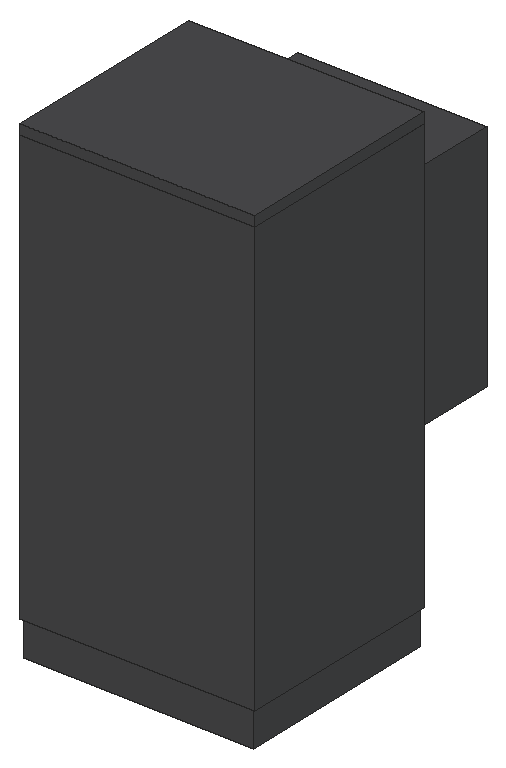
Revit family "LED QUADRATE 01_AM18W.2.32", category Luminarias, Revit 2019
Family settings
  Cota de conector redondo = Diámetro de uso
  Tipo de pieza = Normal
  Se basa en plano de trabajo = Sí
  Siempre vertical = No
  Corte con vacíos al cargar = No
  Origen de luz = Sí
  Compartido = No
  Punto de cálculo de habitación = No
Parameters (values of type "LED QUADRATE 01_AM18W.2.32")
  Ángulo de inclinación = 60.00°
  Zone [instance] = ""
  Watt per fixture = 20
  Wattage = 20 W
  built-in parameter 1150107 = 3000 (stored number, unit not read)
  built-in parameter 1150110 = 1 (stored number, unit not read)
  built-in parameter 1150109 = 1 (stored number, unit not read)
  built-in parameter 1150112 = 1 (stored number, unit not read)
  built-in parameter 1150113 = 1 (stored number, unit not read)
  built-in parameter 1114218 = 1 (stored number, unit not read)
  Keynote = ""
  built-in parameter 1150137 = (empty or 0)
  built-in parameter 1150132 = (empty or 0)
  Modelo = "AM18W.2.32"
  Lámpara = "NICHIA"
  built-in parameter 1150105 = 135.68 (stored number, unit not read)
  built-in parameter 1150102 = (empty or 0)
  built-in parameter 1150106 = 1.3568 (stored number, unit not read)
  Lumens = 1705 lm
  Color Filter = 16777215
  built-in parameter 1114217 = 1 (stored number, unit not read)
  built-in parameter 1150139 = (empty or 0)
  Fabricante = "BRILLANT"
  Default Elevation = 0 mm
  built-in parameter 1150104 = 7.92 (stored number, unit not read)
  Descripción = "LUMINARIA DIRIGIBLE TIPO ARBOTANTE, DE MATERIAL EN ALUMINIO FUNDIDO A PRESION CUBIERTO CON POLVO GRIS OSCURO Y VIDRIO DE 3MM, CON UN PESO DE 2.5KG, CON 1 LED TIPO NICHIA Y UNA POTENCIA TOTAL DE 20W, 1705 LUMENES, TEMPERATURA EN BLANCO CALIDO 3000K, IRC 80, IP 65, APERTURA DE 32 GRADOS POR PROYECTO, CORRIENTE DE OPERACIÓN 178mA, CABLE DE 0.3M, ALIMENTADO A 100-277VAC"
  built-in parameter 1150115 = 1 (stored number, unit not read)
  built-in parameter 1150114 = 1 (stored number, unit not read)
  Comentarios de vataje = "100-277V"
  built-in parameter 1150138 = (empty or 0)
  built-in parameter 1150134 = (empty or 0)
  Circuit [instance] = ""
  Dimming Lamp Color Temperature Shift = (empty or 0)
  Archivo de red fotométrica = "AM18W.2_32º.IES"
  built-in parameter 1150133 = 10 (stored number, unit not read)
Reference planes
  plane 1 "Centro (Frontal/Posterior)": y = 0
  plane 2: z = 0
  plane 3 "Centro (Izquierda/Derecha)": x = 0
Forms (mm)
  Revolve 1, solid, material "Cristal", not visible
    sketch origin (-152, 0, 0) x (0, 1, 0) y (0, 0, -1)
      loop
        line (0, -8.749) -> (0, -7.25) -> (-1.499, -7.25)
        arc (-1.499, -7.25) -> (-1.06, -8.31) -> (0, -8.749) r 1.499
      axis (0, -7.25) -> (-1.499, -7.25)
    angle from 0 to 360
  Revolve 2, solid, material "Cristal", not visible
    sketch origin (-136, 0, 0) x (0, 1, 0) y (0, 0, -1)
      loop
        line (0, -8.749) -> (0, -7.25) -> (-1.499, -7.25)
        arc (-1.499, -7.25) -> (-1.06, -8.31) -> (0, -8.749) r 1.499
      axis (0, -7.25) -> (-1.499, -7.25)
    angle from 0 to 360
  Revolve 3, solid, material "Cristal", not visible
    sketch origin (-120, 0, 0) x (0, 1, 0) y (0, 0, -1)
      loop
        line (0, -8.749) -> (0, -7.25) -> (-1.499, -7.25)
        arc (-1.499, -7.25) -> (-1.06, -8.31) -> (0, -8.749) r 1.499
      axis (0, -7.25) -> (-1.499, -7.25)
    angle from 0 to 360
  Revolve 4, solid, material "Cristal", not visible
    sketch origin (-104, 0, 0) x (0, 1, 0) y (0, 0, -1)
      loop
        line (0, -8.749) -> (0, -7.25) -> (-1.499, -7.25)
        arc (-1.499, -7.25) -> (-1.06, -8.31) -> (0, -8.749) r 1.499
      axis (0, -7.25) -> (-1.499, -7.25)
    angle from 0 to 360
  Revolve 5, solid, material "Cristal", not visible
    sketch origin (-88, 0, 0) x (0, 1, 0) y (0, 0, -1)
      loop
        line (0, -8.749) -> (0, -7.25) -> (-1.499, -7.25)
        arc (-1.499, -7.25) -> (-1.06, -8.31) -> (0, -8.749) r 1.499
      axis (0, -7.25) -> (-1.499, -7.25)
    angle from 0 to 360
  Revolve 6, solid, material "Cristal", not visible
    sketch origin (-72, 0, 0) x (0, 1, 0) y (0, 0, -1)
      loop
        line (0, -8.749) -> (0, -7.25) -> (-1.499, -7.25)
        arc (-1.499, -7.25) -> (-1.06, -8.31) -> (0, -8.749) r 1.499
      axis (0, -7.25) -> (-1.499, -7.25)
    angle from 0 to 360
  Revolve 7, solid, material "Cristal", not visible
    sketch origin (-56, 0, 0) x (0, 1, 0) y (0, 0, -1)
      loop
        line (0, -8.749) -> (0, -7.25) -> (-1.499, -7.25)
        arc (-1.499, -7.25) -> (-1.06, -8.31) -> (0, -8.749) r 1.499
      axis (0, -7.25) -> (-1.499, -7.25)
    angle from 0 to 360
  Revolve 8, solid, material "Cristal", not visible
    sketch origin (-40, 0, 0) x (0, 1, 0) y (0, 0, -1)
      loop
        line (0, -8.749) -> (0, -7.25) -> (-1.499, -7.25)
        arc (-1.499, -7.25) -> (-1.06, -8.31) -> (0, -8.749) r 1.499
      axis (0, -7.25) -> (-1.499, -7.25)
    angle from 0 to 360
  Revolve 9, solid, material "Cristal", not visible
    sketch origin (-24, 0, 0) x (0, 1, 0) y (0, 0, -1)
      loop
        line (0, -8.749) -> (0, -7.25) -> (-1.499, -7.25)
        arc (-1.499, -7.25) -> (-1.06, -8.31) -> (0, -8.749) r 1.499
      axis (0, -7.25) -> (-1.499, -7.25)
    angle from 0 to 360
  Revolve 10, solid, material "Cristal", not visible
    sketch origin (-8, 0, 0) x (0, 1, 0) y (0, 0, -1)
      loop
        line (0, -8.749) -> (0, -7.25) -> (-1.499, -7.25)
        arc (-1.499, -7.25) -> (-1.06, -8.31) -> (0, -8.749) r 1.499
      axis (0, -7.25) -> (-1.499, -7.25)
    angle from 0 to 360
  Revolve 11, solid, material "Cristal", not visible
    sketch origin (8, 0, 0) x (0, 1, 0) y (0, 0, -1)
      loop
        line (0, -8.749) -> (0, -7.25) -> (-1.499, -7.25)
        arc (-1.499, -7.25) -> (-1.06, -8.31) -> (0, -8.749) r 1.499
      axis (0, -7.25) -> (-1.499, -7.25)
    angle from 0 to 360
  Revolve 12, solid, material "Cristal", not visible
    sketch origin (24, 0, 0) x (0, 1, 0) y (0, 0, -1)
      loop
        line (0, -8.749) -> (0, -7.25) -> (-1.499, -7.25)
        arc (-1.499, -7.25) -> (-1.06, -8.31) -> (0, -8.749) r 1.499
      axis (0, -7.25) -> (-1.499, -7.25)
    angle from 0 to 360
  Revolve 13, solid, material "Cristal", not visible
    sketch origin (40, 0, 0) x (0, 1, 0) y (0, 0, -1)
      loop
        line (0, -8.749) -> (0, -7.25) -> (-1.499, -7.25)
        arc (-1.499, -7.25) -> (-1.06, -8.31) -> (0, -8.749) r 1.499
      axis (0, -7.25) -> (-1.499, -7.25)
    angle from 0 to 360
  Revolve 14, solid, material "Cristal", not visible
    sketch origin (56, 0, 0) x (0, 1, 0) y (0, 0, -1)
      loop
        line (0, -8.749) -> (0, -7.25) -> (-1.499, -7.25)
        arc (-1.499, -7.25) -> (-1.06, -8.31) -> (0, -8.749) r 1.499
      axis (0, -7.25) -> (-1.499, -7.25)
    angle from 0 to 360
  Revolve 15, solid, material "Cristal", not visible
    sketch origin (72, 0, 0) x (0, 1, 0) y (0, 0, -1)
      loop
        line (0, -8.749) -> (0, -7.25) -> (-1.499, -7.25)
        arc (-1.499, -7.25) -> (-1.06, -8.31) -> (0, -8.749) r 1.499
      axis (0, -7.25) -> (-1.499, -7.25)
    angle from 0 to 360
  Revolve 16, solid, material "Cristal", not visible
    sketch origin (88, 0, 0) x (0, 1, 0) y (0, 0, -1)
      loop
        line (0, -8.749) -> (0, -7.25) -> (-1.499, -7.25)
        arc (-1.499, -7.25) -> (-1.06, -8.31) -> (0, -8.749) r 1.499
      axis (0, -7.25) -> (-1.499, -7.25)
    angle from 0 to 360
  Revolve 17, solid, material "Cristal", not visible
    sketch origin (104, 0, 0) x (0, 1, 0) y (0, 0, -1)
      loop
        line (0, -8.749) -> (0, -7.25) -> (-1.499, -7.25)
        arc (-1.499, -7.25) -> (-1.06, -8.31) -> (0, -8.749) r 1.499
      axis (0, -7.25) -> (-1.499, -7.25)
    angle from 0 to 360
  Revolve 18, solid, material "Cristal", not visible
    sketch origin (120, 0, 0) x (0, 1, 0) y (0, 0, -1)
      loop
        line (0, -8.749) -> (0, -7.25) -> (-1.499, -7.25)
        arc (-1.499, -7.25) -> (-1.06, -8.31) -> (0, -8.749) r 1.499
      axis (0, -7.25) -> (-1.499, -7.25)
    angle from 0 to 360
  Revolve 19, solid, material "Cristal", not visible
    sketch origin (136, 0, 0) x (0, 1, 0) y (0, 0, -1)
      loop
        line (0, -8.749) -> (0, -7.25) -> (-1.499, -7.25)
        arc (-1.499, -7.25) -> (-1.06, -8.31) -> (0, -8.749) r 1.499
      axis (0, -7.25) -> (-1.499, -7.25)
    angle from 0 to 360
  Revolve 20, solid, material "Cristal", not visible
    sketch origin (152, 0, 0) x (0, 1, 0) y (0, 0, -1)
      loop
        line (0, -8.749) -> (0, -7.25) -> (-1.499, -7.25)
        arc (-1.499, -7.25) -> (-1.06, -8.31) -> (0, -8.749) r 1.499
      axis (0, -7.25) -> (-1.499, -7.25)
    angle from 0 to 360
  Extrusion 21, solid, material "Default Form"
    sketch origin (0, -22.645, 0) x (1, 0, 0) y (0, 1, 0)
      loop
        line (-50, -23.355) -> (-50, -113.355) -> (50, -113.355) -> (50, -23.355) -> (-50, -23.355)
    from 0 to 199.955
  Extrusion 22, void
    sketch origin (0, -22.645, 0) x (1, 0, 0) y (0, 1, 0)
      loop
        line (-42.5, -28.071) -> (-42.5, -105.586) -> (42.5, -105.586) -> (42.5, -28.071) -> (-42.5, -28.071)
    from 0 to 8.669
  Extrusion 23, solid, material "Cristal"
    sketch origin (0, -46, -127.046) x (0, -1, 0) y (1, 0, 0)
      loop
        line (4.715, -42.5) -> (82.231, -42.5) -> (82.231, 42.5) -> (4.715, 42.5) -> (4.715, -42.5)
    from 127.046 to 130.208
  Extrusion 24, void
    sketch origin (0, -46, -129.011) x (0, -1, 0) y (1, 0, 0)
      loop
        circle (3.34, -47.069) r 1.481
      loop
        circle (3.34, 47.069) r 1.481
      loop
        circle (86.66, -47.069) r 1.481
      loop
        circle (86.66, 47.069) r 1.481
    from 129.011 to 130.208
  Extrusion 25, solid, material "Acero Inoxidable"
    sketch origin (0, -46, 0) x (1, 0, 0) y (0, 1, 0)
      loop
        circle (-47.069, -3.34) r 1.228
      loop
        line (-48.018, -3.34) -> (-47.544, -4.162) -> (-46.595, -4.162) -> (-46.121, -3.34) -> (-46.595, -2.519) -> (-47.544, -2.519) -> (-48.018, -3.34)
      loop
        circle (47.069, -3.34) r 1.228
      loop
        line (46.121, -3.34) -> (46.595, -4.162) -> (47.544, -4.162) -> (48.018, -3.34) -> (47.544, -2.519) -> (46.595, -2.519) -> (46.121, -3.34)
      loop
        circle (47.069, -86.66) r 1.228
      loop
        line (46.121, -86.66) -> (46.595, -87.481) -> (47.544, -87.481) -> (48.018, -86.66) -> (47.544, -85.838) -> (46.595, -85.838) -> (46.121, -86.66)
      loop
        circle (-47.069, -86.66) r 1.228
      loop
        line (-48.018, -86.66) -> (-47.544, -87.481) -> (-46.595, -87.481) -> (-46.121, -86.66) -> (-46.595, -85.838) -> (-47.544, -85.838) -> (-48.018, -86.66)
    from 0 to 1.197
  Extrusion 26, solid, material "Default Form"
    sketch origin (0, 0, 0) x (1, 0, 0) y (0, 1, 0)
      loop
        line (-40.142, -46) -> (40.142, -46) -> (40.142, 0) -> (-40.142, 0) -> (-40.142, -46)
    from 75.478 to 175.085
  Extrusion 27, solid, material "Default Form"
    sketch origin (0, 0, 0) x (1, 0, 0) y (0, 1, 0)
      loop
        line (-50, -46) -> (-50, -136) -> (50, -136) -> (50, -46) -> (-50, -46)
    from 199.955 to 204.234
  Extrusion 28, void
    sketch origin (0, 0, 0) x (1, 0, 0) y (0, 1, 0)
      loop
        line (-52.9, -44.226) -> (-52.9, -139.226) -> (52.893, -139.226) -> (52.893, -44.226) -> (-52.9, -44.226)
      loop
        line (-49.2, -46.8) -> (-49.2, -135.2) -> (49.2, -135.2) -> (49.2, -46.8) -> (-49.2, -46.8)
    from 0 to 15
  Revolve 29, void
    sketch origin (0, -89.473, 0) x (1, 0, 0) y (0, 0, -1)
      loop
        spline (0, -15) -> (2.98, -14.946) -> (5.908, -14.784) -> (8.736, -14.518) -> (11.414, -14.152) -> (13.897, -13.692) -> (16.142, -13.146) -> (18.111, -12.523) -> (19.77, -11.834) -> (21.091, -11.092) -> (22.051, -10.307) -> (22.633, -9.495) -> (22.829, -8.669)
        line (22.829, -8.669) -> (0, -8.669) -> (0, -15)
      axis (0, -8.669) -> (0, -15)
    angle from 0 to 360
Cuts and joins
  Extrusion 22, Extrusion 24, Extrusion 28, Revolve 29 cuts Extrusion 21
Lines and regions (mm)
  model lines
    curve 1: line (0, -136, 0) -> (0, 0, 0)
Dimensions and locks
  equal spacing: Extrusion 21 sketch curve, plane 3 "Centro (Izquierda/Derecha)", Extrusion 21 sketch curve
  Extrusion 21 sketch curve to plane 3 "Centro (Izquierda/Derecha)" = 50 mm
  Extrusion 21 sketch curve to Extrusion 21 sketch curve = 90 mm
  cut or joined group of Extrusion 21, Extrusion 22, Extrusion 24, Extrusion 28, Revolve 29 to cut or joined group of Extrusion 21, Extrusion 22, Extrusion 24, Extrusion 28, Revolve 29 = 199.955 mm
  cut or joined group of Extrusion 21, Extrusion 22, Extrusion 24, Extrusion 28, Revolve 29 to cut or joined group of Extrusion 21, Extrusion 22, Extrusion 24, Extrusion 28, Revolve 29 = 100 mm
  cut or joined group of Extrusion 21, Extrusion 22, Extrusion 24, Extrusion 28, Revolve 29 to cut or joined group of Extrusion 21, Extrusion 22, Extrusion 24, Extrusion 28, Revolve 29 = 90 mm
  equal spacing: Extrusion 26 sketch curve, curve 1, Extrusion 26 sketch curve
  Extrusion 26 to Extrusion 26 = 99.607 mm
  locked: Extrusion 27 to Extrusion 27 at 4.279
  aligned and locked: level to plane 2
  aligned and locked: cut or joined group of Extrusion 21, Extrusion 22, Extrusion 24, Extrusion 28, Revolve 29 to Extrusion 25
  aligned and locked: Extrusion 27 sketch curve to cut or joined group of Extrusion 21, Extrusion 22, Extrusion 24, Extrusion 28, Revolve 29  (x4)
  aligned and locked: Extrusion 21 to Extrusion 27
Connectors
  electrical at (0, 0, 125.282)
    settings: on Extrusion 26, index 1, voltage 277 V, apparent load 0 VA, apparent load phase1 0 VA, apparent load phase2 0 VA, apparent load phase3 0 VA, power factor 1, load classification "Otro", number of poles 1, system type 31, power factor state 1, is connector primary yes, connector utility no, sub classification motor no, connector description ""
